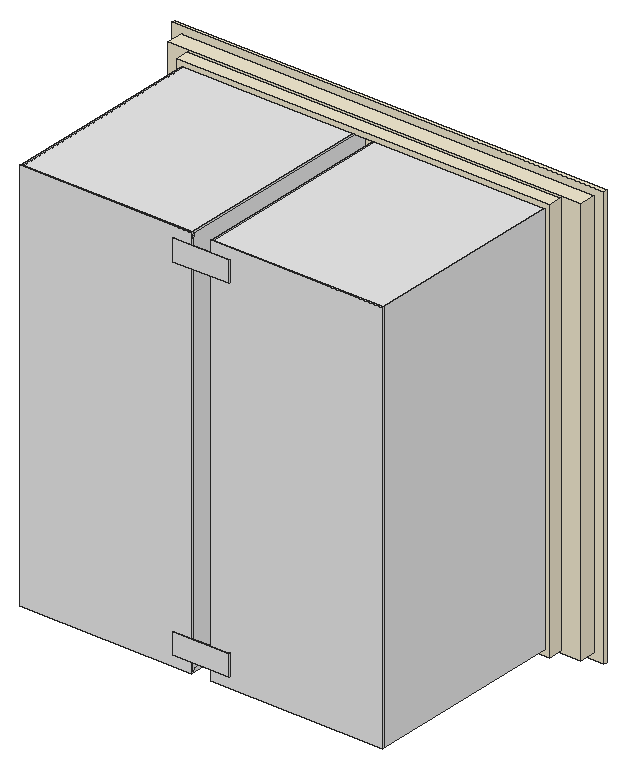
Revit family "Mailboxes_4C-Salsbury_Industries-Front_Load-8_Door_High_Units", category Specialty Equipment, host Wall, Revit 2016
Family settings
  Host = Wall
  Part Type = Normal
  Round Connector Dimension = Use Diameter
  OmniClass Number = 23.40.90.14.11
  OmniClass Title = Mail Boxes
  Always vertical = Yes
  Cut with Voids When Loaded = No
  Shared = No
  Room Calculation Point = No
Parameters (values of type "3708D-14 FL")
  Width = 31.09766"
  URL = "www.mailboxes.com"
  OmniClass 23 Title = "Mail Boxes"
  OmniClass 23 Number = "23.40.90.14.11"
  Visible Door Number [instance] = yes
  Vertical Center Divider = yes
  Version = "3.0 (06/30/17)"
  Type Comments = "4C Standard Horizontal Mailbox - Front Loading"
  Top Back Plate = yes
  Right Inside Wall = yes
  Model = "3708D-14 FL"
  MasterFormat Title = "Postal Specialties"
  MasterFormat Number = "10 55 00"
  Manufacturer = "Salsbury Industries"
  Lock Material = Stainless Steel - Salsbury Finish -  Polished
  Left Inside Wall = yes
  Keynote = ""
  Height = 30.500"
  Front Panel Material [instance] = Paint - Salsbury Finish - Sandstone
  Door Slot R8 Number [instance] = "14"
  Door Slot R8 = 3700 Series 4C Door Configurations : MB1 Door w/ Divider
  Door Slot R7 Number [instance] = "13"
  Door Slot R7 = 3700 Series 4C Door Configurations : MB1 Door w/ Divider
  Door Slot R6 Number [instance] = "12"
  Door Slot R6 = 3700 Series 4C Door Configurations : MB1 Door w/ Divider
  Door Slot R5 Number [instance] = "0"
  Door Slot R5 = 3700 Series 4C OM2 Configuration : OM2-FL
  Door Slot R4 Number [instance] = "0"
  Door Slot R4 = 3700 Series 4C Door Configurations : Empty
  Door Slot R3 Number [instance] = "11"
  Door Slot R3 = 3700 Series 4C Door Configurations : MB1 Door w/ Divider
  Door Slot R2 Number [instance] = "10"
  Door Slot R2 = 3700 Series 4C Door Configurations : MB1 Door w/ Divider
  Door Slot R1 Number [instance] = "9"
  Door Slot R1 = 3700 Series 4C Door Configurations : MB1 Door
  Door Slot L8 Number [instance] = "8"
  Door Slot L8 = 3700 Series 4C Door Configurations : MB1 Door w/ Divider
  Door Slot L7 Number [instance] = "7"
  Door Slot L7 = 3700 Series 4C Door Configurations : MB1 Door w/ Divider
  Door Slot L6 Number [instance] = "6"
  Door Slot L6 = 3700 Series 4C Door Configurations : MB1 Door w/ Divider
  Door Slot L5 Number [instance] = "5"
  Door Slot L5 = 3700 Series 4C Door Configurations : MB1 Door w/ Divider
  Door Slot L4 Number [instance] = "4"
  Door Slot L4 = 3700 Series 4C Door Configurations : MB1 Door w/ Divider
  Door Slot L3 Number [instance] = "3"
  Door Slot L3 = 3700 Series 4C Door Configurations : MB1 Door w/ Divider
  Door Slot L2 Number [instance] = "2"
  Door Slot L2 = 3700 Series 4C Door Configurations : MB1 Door w/ Divider
  Door Slot L1 Number [instance] = "1"
  Door Slot L1 = 3700 Series 4C Door Configurations : MB1 Door
  Description = "8 Door High Unit:  14 MB1, OM2"
  Depth = 17.025"
  Center Extrusion Offset [instance] = 0.000"
  Bottom Back Plate = yes
  Back Enclosure Material = Aluminum - Salsbury Finish - Anodized
  Assembly Description = "Mailboxes"
  Assembly Code = "C1030910"
  Above Finished Floor (AFF-Bottom of Unit) [instance] = 26.683"
  Above Finished Floor (AFF-Bottom Shelf) [instance] = 28.000"
Reference planes (in)
  plane 1 "Wall Centerline": y = 0
  plane 2 "Center (Left/Right)": x = 0
  plane 3 "Front": y = 3
  plane 4 "15" AFF": z = 28
  plane 5 "28" AFF": z = 28
  plane 6 "36" AFF": z = 36
  plane 7 "48" AFF": z = 48
  plane 8 "Bottom of Unit": z = 26.683
  plane 9 "Top of Unit": z = 57.183
  plane 10 "Left Side of Unit": x = 15.54883
  plane 11 "Right Side of Unit": x = -15.54883
  plane 12 "28" AFF_Bottom of Unit": z = 26.683
  plane 13 "Top Horiz Trim Align": z = 56.35225
  plane 14 "Bottom Horiz Trim Align": z = 27.515
  plane 15 "Left Trim Align": x = 14.716
  plane 16 "Right Trim Align": x = -14.716
  plane 17 "Left Door Align": x = 14.06641
  plane 18 "Right Door Align": x = -14.06641
  plane 19 "Top Horiz Door Align": z = 55.76125
  plane 20 "Bottom Horiz Door Align": z = 28
  plane 21 "Front Face of Unit": y = 3.265
  plane 22 "Top Housing Align": z = 56.679
  plane 23 "Top Collar Align": z = 56.531
  plane 24 "Top Box Align": z = 56.176
  plane 25 "Vertical Housing Align": y = 1.795
  plane 26 "Vertical Collar Align": y = 0.795
  plane 27 "Back of Unit": y = -13.76
  plane 28 "Bottom Housing Align": z = 27.187
  plane 29 "Bottom Collar Align": z = 27.335
  plane 30 "Bottom Box Align": z = 27.75
  plane 31 "Door Alignment": y = 2.66809
  plane 32 "Right Housing Align": x = -14.84183
  plane 33 "Right Collar Align": x = -13.40883
  plane 34 "Right Box Side Align": x = -13.08083
  plane 35 "Left Housing Align": x = 14.84183
  plane 36 "Left Collar Align": x = 13.40883
  plane 37 "Left Side Box Align": x = 13.08083
  plane 38 "Top Back Plate Align": z = 55.397
  plane 39 "Bottom Back Plate Align": z = 28.499
  plane 40 "Back": y = -3
  plane 41 "RO Left Side": x = 15.17383
  plane 42 "RO Right Side": x = -15.17383
  plane 43 "RO Bottom": z = 27.058
  plane 44 "RO Top": z = 56.808
  plane 45 "Horiz Centerline": z = 42.04237
  plane 46: z = 27.885
  plane 47: x = 12.99983
  plane 48: x = 12.92758
  plane 49 "Center Extrusion": x = 0
  plane 50 "Center Extrusion Offset": x = 0
  plane 51 "Row 8 Top Align": z = 31.5
  plane 52 "Row 7 Top Align": z = 35
  plane 53 "Row 6 Top Align": z = 38.5
  plane 54 "Row 5 Top Align": z = 42
  plane 55 "Row 4 Top Align": z = 45.5
  plane 56 "Row 3 Top Align": z = 49
  plane 57 "Row 2 Top Align": z = 52.5
  plane 58 "Row 16 Top Align-Private": z = 31.5
  plane 59 "Row 15 Top Align-Private": z = 35
  plane 60 "Row 14 Top Align-Private": z = 38.5
  plane 61 "Row 13 Top Align-Private": z = 42
  plane 62 "Row 12 Top Align-Private": z = 45.5
  plane 63 "Row 11 Top Align-Private": z = 49
  plane 64 "Row 10 Top Align-Private": z = 52.25
  plane 65 "Row 9 Top Align-Private": z = 55.75
  plane 66 "Row 8 Top Align-Private": z = 59.25
  plane 67 "Top of Face Gap": z = 61.25
  plane 68 "Top Latch Align": z = 47.876
  plane 69 "Bottom Latch Align": z = 36.05
  plane 70 "Right Latch Align": x = -0.69183
  plane 71 "Left Latch Align": x = 0.69098
  plane 72 "Latch Alignment Edge": x = -15.54883
  plane 73: x = -12.92783
  plane 74: x = -12.99983
  plane 75: y = -13.84203
  plane 76: x = -2
  plane 77: x = -0.7705
  plane 78: x = 0.7705
  plane 79: x = 2
  plane 80: y = -13.67797
  plane 81: x = -0.69098
  plane 82: x = 0.69183
  plane 83: z = 53.897
  plane 84: z = 29.999
  plane 85: z = 55.81729
  plane 86: z = 28.41625
  plane 87: z = 27.446
  plane 88: z = 28.055
Forms (in)
  Extrusion 1, void
    sketch origin (0, 3, 0) x (1, 0, 0) y (0, 0, 1)
      loop
        line (15.17383, 56.808) -> (-15.17383, 56.808) -> (-15.17383, 27.058) -> (15.17383, 27.058) -> (15.17383, 56.808)
    from 0 to 15.27914
  Extrusion 2, solid, material "Paint - Salsbury Finish - Sandstone" <- "Front Panel Material"
    sketch origin (0, 3, 0) x (1, 0, 0) y (0, 0, 1)
      loop
        line (15.54883, 57.183) -> (-15.54883, 57.183) -> (-15.54883, 26.683) -> (15.54883, 26.683) -> (15.54883, 57.183)
    from -0.265 to 0
  Extrusion 3, void
    sketch origin (0, 3.265, 0.00774) x (0, 0, -1) y (-1, 0, 0)
      loop
        line (-56.34451, -14.716) -> (-27.50726, -14.716) -> (-27.50726, 14.716) -> (-56.34451, 14.716) -> (-56.34451, -14.716)
    from -0.265 to 0
  Extrusion 4, solid, material "Paint - Salsbury Finish - Sandstone" <- "Front Panel Material"
    sketch origin (14.98214, 3.265, -1.67978) x (0, 0, -1) y (-1, 0, 0)
      loop
        line (-58.03203, 29.69814) -> (-58.03203, 29.04855) -> (-29.19478, 29.04855) -> (-29.19478, 29.69814) -> (-58.03203, 29.69814)
    from 0 to -0.265
  Extrusion 5, solid, material "Paint - Salsbury Finish - Sandstone" <- "Front Panel Material"
    sketch origin (0, 3.265, 0) x (0, 0, -1) y (-1, 0, 0)
      loop
        line (-27.515, -14.06641) -> (-27.515, 14.06641) -> (-28, 14.06641) -> (-28, -14.06641) -> (-27.515, -14.06641)
    from -0.265 to 0
  Extrusion 6, solid, material "Paint - Salsbury Finish - Sandstone" <- "Front Panel Material"
    sketch origin (0, 3, 84.08475) x (1, 0, 0) y (0, 0, 1)
      loop
        line (-14.84183, -56.89775) -> (14.84183, -56.89775) -> (14.84183, -27.40575) -> (-14.84183, -27.40575) -> (-14.84183, -56.89775)
    from 0 to 1.205
  Extrusion 7, solid, material "Paint - Salsbury Finish - Sandstone" <- "Front Panel Material"
    sketch origin (0, 1.795, 0) x (0, 0, 1) y (-1, 0, 0)
      loop
        line (27.335, 13.40883) -> (27.335, -13.40883) -> (56.531, -13.40883) -> (56.531, 13.40883) -> (27.335, 13.40883)
    from 0 to 1
  Extrusion 8, void
    sketch origin (0, 1.795, 0) x (0, 0, 1) y (-1, 0, 0)
      loop
        line (56.176, 13.08083) -> (27.75, 13.08083) -> (27.75, -13.08083) -> (56.176, -13.08083) -> (56.176, 13.08083)
    from 0 to 1
  Extrusion 9, solid, material "Paint - Salsbury Finish - Sandstone" <- "Front Panel Material"
    sketch origin (0, 3.265, 0) x (0, 0, -1) y (-1, 0, 0)
      loop
        line (-56.35225, -14.716) -> (-27.515, -14.716) -> (-27.515, -14.06641) -> (-56.35225, -14.06641) -> (-56.35225, -14.716)
    from 0 to -0.265
  Extrusion 10, solid, material "Paint - Salsbury Finish - Sandstone" <- "Front Panel Material"
    sketch origin (0, 3.265, 0) x (0, 0, -1) y (-1, 0, 0)
      loop
        line (-56.35225, -14.06641) -> (-55.76125, -14.06641) -> (-55.76125, 14.06641) -> (-56.35225, 14.06641) -> (-56.35225, -14.06641)
    from -0.265 to 0
  Extrusion 11, void
    sketch origin (0, 1.795, 0) x (0, 0, 1) y (-1, 0, 0)
      loop
        line (56.531, -13.40883) -> (56.531, 13.40883) -> (27.335, 13.40883) -> (27.335, -13.40883) -> (56.531, -13.40883)
    from -1.124 to 0
  Extrusion 12, void
    sketch origin (0, 3, 0) x (1, 0, 0) y (0, 0, 1)
      loop
        line (14.06641, 56.531) -> (-14.06641, 56.531) -> (-14.06641, 27.335) -> (14.06641, 27.335) -> (14.06641, 56.531)
    from 0 to 0.33191
  Extrusion 13, solid, material "Aluminum - Salsbury Finish - Anodized" <- "Back Enclosure Material"
    sketch origin (-0.58189, 1.795, 0) x (0, 0, 1) y (-1, 0, 0)
      loop
        line (56.176, 12.49894) -> (27.75, 12.49894) -> (27.75, 12.41794) -> (56.176, 12.41794) -> (56.176, 12.49894)
    from 0 to 15.47297
  Extrusion 14, solid, material "Aluminum - Salsbury Finish - Anodized" <- "Back Enclosure Material", visible <- "Right Inside Wall"
    sketch origin (11.7675, 1.795, 0) x (0, 0, 1) y (-1, 0, 0)
      loop
        line (56.176, 12.538) -> (27.75, 12.538) -> (27.75, 12.45933) -> (56.176, 12.45933) -> (56.176, 12.538)
    from 0 to 15.47297
  Extrusion 15, solid, material "Aluminum - Salsbury Finish - Anodized" <- "Back Enclosure Material"
    sketch origin (0.54283, 1.795, 0) x (0, 0, 1) y (-1, 0, 0)
      loop
        line (56.176, -12.538) -> (56.176, -12.457) -> (27.75, -12.457) -> (27.75, -12.538) -> (56.176, -12.538)
    from 0 to 15.47297
  Extrusion 16, solid, material "Aluminum - Salsbury Finish - Anodized" <- "Back Enclosure Material", visible <- "Left Inside Wall"
    sketch origin (-11.7675, 1.795, 0) x (0, 0, 1) y (-1, 0, 0)
      loop
        line (56.176, -12.538) -> (56.176, -12.45849) -> (27.75, -12.45849) -> (27.75, -12.538) -> (56.176, -12.538)
    from 0 to 15.47297
  Extrusion 17, solid, material "Aluminum - Salsbury Finish - Anodized" <- "Back Enclosure Material"
    sketch origin (0, -13.76, 0) x (0, 0, 1) y (-1, 0, 0)
      loop
        line (56.176, 13.08083) -> (27.75, 13.08083) -> (27.75, -13.08083) -> (56.176, -13.08083) -> (56.176, 13.08083)
    from -0.08203 to 0
  Extrusion 18, solid, material "Aluminum - Salsbury Finish - Anodized" <- "Back Enclosure Material"
    sketch origin (-0.15625, 0, 56.176) x (0, 1, 0) y (-1, 0, 0)
      loop
        line (1.795, 12.84358) -> (-13.67797, 12.84358) -> (-13.67797, -13.15608) -> (1.795, -13.15608) -> (1.795, 12.84358)
    from -0.35871 to 0
  Extrusion 19, void
    sketch origin (0, 0, 56.176) x (0, 1, 0) y (-1, 0, 0)
      loop
        line (1.7325, 12.93342) -> (-13.61547, 12.93342) -> (-13.61547, -12.92758) -> (1.7325, -12.92758) -> (1.7325, 12.93342)
    from -0.0723 to -0.6459
  Extrusion 20, solid, material "Aluminum - Salsbury Finish - Anodized" <- "Back Enclosure Material"
    sketch origin (0, 0, 15.41625) x (1, 0, 0) y (0, 1, 0)
      loop
        line (-12.99983, 1.795) -> (-12.99983, -13.67797) -> (12.99983, -13.67797) -> (12.99983, 1.795) -> (-12.99983, 1.795)
    from 12.46875 to 13
  Extrusion 21, void
    sketch origin (0, 0, 26.66625) x (1, 0, 0) y (0, 1, 0)
      loop
        line (-12.93342, 1.7325) -> (-12.93342, -13.61547) -> (12.92758, -13.61547) -> (12.92758, 1.7325) -> (-12.93342, 1.7325)
    from 1.38875 to 0.77975
  Extrusion 22, solid, material "Aluminum - Salsbury Finish - Anodized" <- "Back Enclosure Material", visible <- "Top Back Plate", detail levels medium+fine
    sketch origin (0, -13.76, 0) x (0, 0, 1) y (-1, 0, 0)
      loop
        line (55.397, 2) -> (53.897, 2) -> (53.897, -2) -> (55.397, -2) -> (55.397, 2)
    from 0 to 0.08203
  Extrusion 23, solid, material "Aluminum - Salsbury Finish - Anodized" <- "Back Enclosure Material", visible <- "Bottom Back Plate", detail levels medium+fine
    sketch origin (0, -13.76, 84.11475) x (0, 0, -1) y (1, 0, 0)
      loop
        line (55.61575, -2) -> (55.61575, 2) -> (54.11575, 2) -> (54.11575, -2) -> (55.61575, -2)
    from 0 to 0.08203
  Extrusion 24, void
    sketch origin (0, 0, 0) x (0, 0, -1) y (0, 1, 0)
      loop
        line (-56.176, 1.795) -> (-56.176, -13.76) -> (-27.75, -13.76) -> (-27.75, 1.795) -> (-27.515, 1.795) -> (-27.515, 3.265) -> (-56.35225, 3.265) -> (-56.35225, 1.795) -> (-56.176, 1.795)
    from -0.69098 to 0.69183
  Extrusion 25, solid, material "Paint - Salsbury Finish - Sandstone" <- "Front Panel Material", visible <- "Vertical Center Divider"
    sketch origin (-0.77934, 3.265, 0) x (0, 0, -1) y (-1, 0, 0)
      loop
        line (-56.35225, -1.47033) -> (-27.515, -1.47033) -> (-27.515, -0.08752) -> (-56.35225, -0.08752) -> (-56.35225, -1.47033)
    from 0 to -1.47
Cuts and joins
  Extrusion 3, Extrusion 11, Extrusion 24 cuts Extrusion 2
  Extrusion 8, Extrusion 11, Extrusion 12, Extrusion 24 cuts Extrusion 5
  Extrusion 8, Extrusion 12, Extrusion 19, Extrusion 24 cuts Extrusion 7
  Extrusion 11, Extrusion 12, Extrusion 24 cuts Extrusion 10
  Extrusion 11, Extrusion 12 cuts Extrusion 6
  Extrusion 12 cuts Extrusion 4
  Extrusion 12 cuts Extrusion 9
  Extrusion 19, Extrusion 21, Extrusion 24 cuts Extrusion 18
  Extrusion 21, Extrusion 24 cuts Extrusion 20
  Extrusion 24 cuts Extrusion 17
  Extrusion 24 cuts Extrusion 22
  Extrusion 24 cuts Extrusion 23
Lines and regions (in)
  model lines
    curve 1: line (15.54883, 3.265, 57.183) -> (14.716, 3.265, 56.35225)
    curve 2: line (-15.54883, 3.265, 57.183) -> (-14.716, 3.265, 56.35225)
    curve 3: line (-15.54883, 3.265, 26.683) -> (-14.716, 3.265, 27.515)
    curve 4: line (15.54883, 3.265, 26.683) -> (14.716, 3.265, 27.515)
  reference lines
    curve 5: line (-14.06641, 2.66809, 26.683) -> (-14.06641, 2.66809, 57.183)
    curve 6: line (14.06641, 2.66809, 26.683) -> (14.06641, 2.66809, 57.183)
  symbolic lines
    curve 7: line (-13.08083, -13.76, 28) -> (13.08083, -13.76, 28)
    curve 8: line (-13.08083, 0.795, 28) -> (-13.08083, -13.76, 28)
    curve 9: line (13.40883, 0.795, 28) -> (-13.40883, 0.795, 28)
    curve 10: line (13.08083, -13.76, 28) -> (13.08083, 0.795, 28)
    curve 11: line (13.40883, 0.795, 28) -> (13.40883, 1.795, 28)
    curve 12: line (-13.40883, 0.795, 28) -> (-13.40883, 1.795, 28)
    curve 13: line (-14.84183, 3, 28) -> (-14.84183, 1.795, 28)
    curve 14: line (-14.84183, 1.795, 28) -> (14.84183, 1.795, 28)
    curve 15: line (14.84183, 1.795, 28) -> (14.84183, 3, 28)
    curve 16: line (-15.54883, 3.265, 28) -> (15.54883, 3.265, 28)
    curve 17: line (-15.54883, 3, 28) -> (-15.54883, 3.265, 28)
    curve 18: line (15.54883, 3, 28) -> (-15.54883, 3, 28)
    curve 19: line (15.54883, 3.265, 28) -> (15.54883, 3, 28)
    curve 20: line (-14.06641, 3.265, 28) -> (-14.06641, 4.43, 28)
    curve 21: line (-14.06641, 4.43, 28) -> (-0.69183, 4.43, 28)
    curve 22: line (-0.69183, 4.43, 28) -> (-0.69183, 3.265, 28)
Text (in)
  text "Placement Side" at (0, 40.15149, 123.01588), in view "Right"
  text "Placement Side" at (-58.6842, 42.74981, 0), in view "Ref. Level"
  text "Placement Side" at (0, 47.49176, 140.59947), in view "Left"
Dimensions and locks (in)
  locked: plane 3 "Front" to host wall
  "Above Finished Floor (AFF-Bottom Shelf)": level to plane 4 "15" AFF"
  locked: level to plane 5 "28" AFF" at 28
  locked: level to plane 6 "36" AFF" at 36
  locked: level to plane 7 "48" AFF" at 48
  equal spacing: plane 11 "Right Side of Unit", plane 2 "Center (Left/Right)", plane 10 "Left Side of Unit"
  plane 8 "Bottom of Unit" to plane 4 "15" AFF" = 1.317"
  "Width": plane 11 "Right Side of Unit" to plane 10 "Left Side of Unit"
  "Height": plane 8 "Bottom of Unit" to plane 9 "Top of Unit"
  plane 12 "28" AFF_Bottom of Unit" to plane 5 "28" AFF" = 1.317"
  locked: plane 15 "Left Trim Align" to plane 10 "Left Side of Unit" at 0.83283
  locked: plane 16 "Right Trim Align" to plane 11 "Right Side of Unit" at 0.83283
  locked: plane 13 "Top Horiz Trim Align" to plane 9 "Top of Unit" at 0.83075
  locked: plane 8 "Bottom of Unit" to plane 14 "Bottom Horiz Trim Align" at 0.832
  plane 17 "Left Door Align" to plane 15 "Left Trim Align" = 0.64959"
  plane 18 "Right Door Align" to plane 16 "Right Trim Align" = 0.64959"
  locked: plane 19 "Top Horiz Door Align" to plane 13 "Top Horiz Trim Align" at 0.591
  locked: plane 14 "Bottom Horiz Trim Align" to plane 20 "Bottom Horiz Door Align" at 0.485
  plane 20 "Bottom Horiz Door Align" to level = 28.000"
  plane 5 "28" AFF" to level = 28.000"
  plane 6 "36" AFF" to level = 36.000"
  plane 7 "48" AFF" to level = 48.000"
  plane 9 "Top of Unit" to plane 8 "Bottom of Unit" = 30.500"
  plane 21 "Front Face of Unit" to host wall = 0.265"
  locked: host wall to plane 25 "Vertical Housing Align" at 1.205
  locked: plane 25 "Vertical Housing Align" to plane 26 "Vertical Collar Align" at 1
  plane 25 "Vertical Housing Align" to plane 27 "Back of Unit" = 15.555"
  "Depth": plane 21 "Front Face of Unit" to plane 27 "Back of Unit"
  locked: plane 9 "Top of Unit" to plane 22 "Top Housing Align" at 0.504
  locked: plane 22 "Top Housing Align" to plane 23 "Top Collar Align" at 0.148
  locked: plane 23 "Top Collar Align" to plane 24 "Top Box Align" at 0.355
  locked: plane 28 "Bottom Housing Align" to plane 8 "Bottom of Unit" at 0.504
  locked: plane 29 "Bottom Collar Align" to plane 28 "Bottom Housing Align" at 0.148
  locked: plane 30 "Bottom Box Align" to plane 29 "Bottom Collar Align" at 0.415
  plane 24 "Top Box Align" to plane 30 "Bottom Box Align" = 28.426"  (x2)
  locked: plane 21 "Front Face of Unit" to plane 31 "Door Alignment" at 0.59691
  plane 11 "Right Side of Unit" to plane 32 "Right Housing Align" to plane 33 "Right Collar Align" to plane 34 "Right Box Side Align" = 0.707" locked, 1.433" locked, 0.328" locked
  plane 37 "Left Side Box Align" to plane 36 "Left Collar Align" to plane 35 "Left Housing Align" to plane 10 "Left Side of Unit" = 0.328" locked, 1.433" locked, 0.707" locked
  plane 11 "Right Side of Unit" to plane 32 "Right Housing Align" to plane 33 "Right Collar Align" to plane 34 "Right Box Side Align" = 0.707", 1.433", 0.328"
  plane 37 "Left Side Box Align" to plane 36 "Left Collar Align" to plane 35 "Left Housing Align" to plane 10 "Left Side of Unit" = 0.328", 1.433", 0.707"
  plane 9 "Top of Unit" to plane 24 "Top Box Align" = 1.007"
  plane 30 "Bottom Box Align" to plane 8 "Bottom of Unit" = 1.067"
  locked: plane 24 "Top Box Align" to plane 38 "Top Back Plate Align" at 0.779
  locked: plane 39 "Bottom Back Plate Align" to plane 30 "Bottom Box Align" at 0.749
  locked: plane 41 "RO Left Side" to plane 10 "Left Side of Unit" at 0.375
  locked: plane 42 "RO Right Side" to plane 11 "Right Side of Unit" at 0.375
  locked: plane 8 "Bottom of Unit" to plane 43 "RO Bottom" at 0.375
  locked: plane 44 "RO Top" to plane 9 "Top of Unit" at 0.375
  Extrusion 13 to Extrusion 13 = 0.081"
  plane 46 to plane 30 "Bottom Box Align" = 0.135"
  Extrusion 15 to Extrusion 15 = 0.081"
  plane 47 to plane 37 "Left Side Box Align" = 0.081"
  plane 48 to plane 47 = 0.07225"
  plane 18 "Right Door Align" to plane 17 "Left Door Align" = 28.13281"
  "Center Extrusion Offset": plane 49 "Center Extrusion" to plane 50 "Center Extrusion Offset"
  plane 20 "Bottom Horiz Door Align" to plane 51 "Row 8 Top Align" to plane 52 "Row 7 Top Align" to plane 53 "Row 6 Top Align" to plane 54 "Row 5 Top Align" to plane 55 "Row 4 Top Align" to plane 56 "Row 3 Top Align" to plane 57 "Row 2 Top Align" = 3.500", 3.500" locked, 3.500" locked, 3.500" locked, 3.500" locked, 3.500" locked, 3.500" locked
  plane 4 "15" AFF" to plane 58 "Row 16 Top Align-Private" = 3.500"
  plane 58 "Row 16 Top Align-Private" to plane 59 "Row 15 Top Align-Private" to plane 60 "Row 14 Top Align-Private" to plane 61 "Row 13 Top Align-Private" to plane 62 "Row 12 Top Align-Private" to plane 63 "Row 11 Top Align-Private" to plane 64 "Row 10 Top Align-Private" to plane 65 "Row 9 Top Align-Private" to plane 66 "Row 8 Top Align-Private" = 3.500" locked, 3.500" locked, 3.500" locked, 3.500" locked, 3.500" locked, 3.250" locked, 3.500" locked, 3.500" locked
  locked: plane 66 "Row 8 Top Align-Private" to plane 67 "Top of Face Gap" at 2
  "Above Finished Floor (AFF-Bottom of Unit)": level to plane 8 "Bottom of Unit"
  locked: plane 70 "Right Latch Align" to plane 71 "Left Latch Align" at 1.38281
  plane 24 "Top Box Align" to plane 68 "Top Latch Align" = 8.300"
  plane 69 "Bottom Latch Align" to plane 30 "Bottom Box Align" = 8.300"
  plane 72 "Latch Alignment Edge" to plane 70 "Right Latch Align" = 14.857"
  curve 15 to curve 19 = 0.707"
  plane 34 "Right Box Side Align" to plane 74 to plane 73 = 0.081", 0.072"
  plane 75 to plane 27 "Back of Unit" = 0.08203"
  plane 27 "Back of Unit" to plane 80 = 0.08203"
  cut or joined group of Extrusion 6, Extrusion 11, Extrusion 12 to Extrusion 25 = 29.16525"
  plane 76 to plane 77 to plane 70 "Right Latch Align" to plane 50 "Center Extrusion Offset" = 1.2295", 0.07867", 0.69183"
  plane 50 "Center Extrusion Offset" to plane 71 "Left Latch Align" to plane 78 to plane 79 = 0.69098", 0.07952", 1.2295"
  plane 81 to plane 49 "Center Extrusion" to plane 82 = 0.69098" locked, 0.69183" locked
  plane 11 "Right Side of Unit" to Extrusion 2 = 31.09766"
  plane 10 "Left Side of Unit" to Extrusion 6 = 30.39066"
  plane 38 "Top Back Plate Align" to plane 83 = 1.500"
  plane 84 to plane 39 "Bottom Back Plate Align" = 1.500"
  plane 4 "15" AFF" to Extrusion 13 = 28.176"
  plane 4 "15" AFF" to Extrusion 14 = 28.176"
  Extrusion 14 to Extrusion 16 = 28.426"
  Extrusion 16 to Extrusion 15 = 28.426"
  locked: plane 85 to plane 24 "Top Box Align" at 0.35871
  plane 14 "Bottom Horiz Trim Align" to plane 86 = 0.90125"
  plane 87 to plane 30 "Bottom Box Align" to plane 88 = 0.304" locked, 0.305" locked
  aligned and locked: plane 8 "Bottom of Unit" to Extrusion 2 sketch curve
  aligned and locked: plane 10 "Left Side of Unit" to Extrusion 2 sketch curve
  aligned and locked: Extrusion 2 sketch curve to plane 11 "Right Side of Unit"
  aligned and locked: Extrusion 2 sketch curve to plane 9 "Top of Unit"
  aligned and locked: plane 21 "Front Face of Unit" to Extrusion 2
  aligned and locked: Extrusion 4 to plane 16 "Right Trim Align"
  aligned and locked: plane 18 "Right Door Align" to Extrusion 4
  aligned and locked: plane 13 "Top Horiz Trim Align" to Extrusion 4
  aligned and locked: Extrusion 5 to plane 14 "Bottom Horiz Trim Align"
  aligned and locked: Extrusion 5 to plane 17 "Left Door Align"
  aligned and locked: plane 20 "Bottom Horiz Door Align" to Extrusion 5
  aligned and locked: Extrusion 5 to plane 18 "Right Door Align"
  aligned and locked: plane 34 "Right Box Side Align" to Extrusion 17 sketch curve
  aligned and locked: Extrusion 17 sketch curve to plane 24 "Top Box Align"
  aligned and locked: Extrusion 17 sketch curve to plane 37 "Left Side Box Align"
  aligned and locked: plane 30 "Bottom Box Align" to Extrusion 17 sketch curve
  aligned and locked: plane 25 "Vertical Housing Align" to Extrusion 18 sketch curve
  aligned and locked: Extrusion 18 sketch curve to plane 47
  aligned and locked: plane 48 to Extrusion 19
  aligned and locked: plane 47 to cut or joined group of Extrusion 18, Extrusion 19, Extrusion 21, Extrusion 24
  aligned and locked: plane 25 "Vertical Housing Align" to Extrusion 20 sketch curve
  aligned and locked: Extrusion 20 sketch curve to plane 47
  aligned and locked: plane 48 to cut or joined group of Extrusion 20, Extrusion 21, Extrusion 24
  aligned and locked: plane 17 "Left Door Align" to cut or joined group of Extrusion 9, Extrusion 12
  aligned and locked: plane 25 "Vertical Housing Align" to Extrusion 25
  aligned and locked: plane 21 "Front Face of Unit" to Extrusion 25
  aligned and locked: nested 1 to plane 57 "Row 2 Top Align"
  aligned and locked: nested 2 to plane 56 "Row 3 Top Align"
  aligned and locked: nested 9 to plane 17 "Left Door Align"
  aligned and locked: nested 9 to plane 57 "Row 2 Top Align"
  aligned and locked: plane 31 "Door Alignment" to nested 9  (x2)
  aligned and locked: nested 10 to plane 17 "Left Door Align"
  aligned and locked: nested 10 to plane 56 "Row 3 Top Align"
  aligned and locked: plane 31 "Door Alignment" to nested 10  (x2)
  aligned and locked: nested 15 to plane 17 "Left Door Align"
  aligned and locked: nested 15 to plane 51 "Row 8 Top Align"
  aligned and locked: plane 31 "Door Alignment" to nested 15
  aligned and locked: nested 8 to curve 5
  aligned and locked: nested 7 to curve 5
  aligned and locked: nested 6 to curve 5
  aligned and locked: nested 5 to curve 5
  aligned and locked: nested 3 to curve 5
  aligned and locked: nested 16 to curve 6
  aligned and locked: nested 15 to curve 6
  aligned and locked: nested 14 to curve 6
  aligned and locked: nested 13 to curve 6
  aligned and locked: nested 12 to curve 6
  aligned and locked: nested 11 to curve 6
  aligned and locked: nested 10 to curve 6
  aligned and locked: nested 9 to curve 6
  aligned and locked: plane 31 "Door Alignment" to nested 6
  aligned and locked: plane 31 "Door Alignment" to nested 16
  aligned and locked: plane 31 "Door Alignment" to nested 8
  aligned and locked: plane 31 "Door Alignment" to nested 14
  aligned and locked: plane 31 "Door Alignment" to nested 5
  aligned and locked: plane 31 "Door Alignment" to nested 3
  aligned and locked: plane 31 "Door Alignment" to nested 11
  aligned and locked: plane 31 "Door Alignment" to nested 13
  aligned and locked: plane 31 "Door Alignment" to nested 2
  aligned and locked: plane 31 "Door Alignment" to nested 4
  aligned and locked: nested 1 to curve 5
  aligned and locked: nested 2 to curve 5
  aligned and locked: nested 4 to curve 5
  aligned and locked: plane 31 "Door Alignment" to nested 1
  aligned and locked: plane 31 "Door Alignment" to nested 7
  aligned and locked: plane 11 "Right Side of Unit" to plane 72 "Latch Alignment Edge"
  aligned and locked: plane 37 "Left Side Box Align" to curve 10
  aligned and locked: plane 27 "Back of Unit" to curve 7
  aligned and locked: curve 8 to plane 34 "Right Box Side Align"
  aligned and locked: curve 9 to plane 26 "Vertical Collar Align"
  aligned and locked: curve 13 to cut or joined group of Extrusion 6, Extrusion 11, Extrusion 12
  aligned and locked: curve 14 to cut or joined group of Extrusion 6, Extrusion 11, Extrusion 12
  aligned and locked: curve 15 to cut or joined group of Extrusion 6, Extrusion 11, Extrusion 12
  aligned and locked: nested 1 to curve 20
  aligned and locked: plane 70 "Right Latch Align" to curve 22
  aligned and locked: plane 21 "Front Face of Unit" to cut or joined group of Extrusion 2, Extrusion 3, Extrusion 11, Extrusion 24
  aligned and locked: plane 3 "Front" to cut or joined group of Extrusion 2, Extrusion 3, Extrusion 11, Extrusion 24
  aligned and locked: plane 35 "Left Housing Align" to cut or joined group of Extrusion 6, Extrusion 11, Extrusion 12  (x2)
  aligned and locked: plane 25 "Vertical Housing Align" to cut or joined group of Extrusion 6, Extrusion 11, Extrusion 12
  aligned and locked: cut or joined group of Extrusion 6, Extrusion 11, Extrusion 12 to plane 3 "Front"
  aligned and locked: cut or joined group of Extrusion 6, Extrusion 11, Extrusion 12 to plane 32 "Right Housing Align"
  aligned and locked: plane 26 "Vertical Collar Align" to cut or joined group of Extrusion 7, Extrusion 8, Extrusion 12, Extrusion 19, Extrusion 24
  aligned and locked: cut or joined group of Extrusion 7, Extrusion 8, Extrusion 12, Extrusion 19, Extrusion 24 to plane 33 "Right Collar Align"
  aligned and locked: cut or joined group of Extrusion 7, Extrusion 8, Extrusion 12, Extrusion 19, Extrusion 24 to plane 25 "Vertical Housing Align"
  aligned and locked: plane 36 "Left Collar Align" to cut or joined group of Extrusion 7, Extrusion 8, Extrusion 12, Extrusion 19, Extrusion 24
  aligned and locked: plane 37 "Left Side Box Align" to Extrusion 15
  aligned and locked: Extrusion 15 to plane 47  (x2)
  aligned and locked: plane 27 "Back of Unit" to cut or joined group of Extrusion 17, Extrusion 24
  aligned and locked: Extrusion 13 to plane 34 "Right Box Side Align"
  aligned and locked: plane 37 "Left Side Box Align" to cut or joined group of Extrusion 17, Extrusion 24
  aligned and locked: plane 74 to Extrusion 13
  aligned and locked: cut or joined group of Extrusion 18, Extrusion 19, Extrusion 21, Extrusion 24 to plane 74
  aligned and locked: plane 75 to cut or joined group of Extrusion 22, Extrusion 24
  aligned and locked: plane 75 to cut or joined group of Extrusion 23, Extrusion 24
  aligned and locked: cut or joined group of Extrusion 22, Extrusion 24 to plane 27 "Back of Unit"
  aligned and locked: cut or joined group of Extrusion 23, Extrusion 24 to plane 27 "Back of Unit"
  aligned and locked: plane 78 to Extrusion 16
  aligned and locked: Extrusion 14 to plane 77
  aligned and locked: plane 79 to cut or joined group of Extrusion 22, Extrusion 24
  aligned and locked: plane 76 to cut or joined group of Extrusion 22, Extrusion 24  (x2)
  aligned and locked: plane 76 to cut or joined group of Extrusion 23, Extrusion 24  (x2)
  aligned and locked: cut or joined group of Extrusion 23, Extrusion 24 to plane 79  (x2)
  aligned and locked: plane 80 to cut or joined group of Extrusion 17, Extrusion 24
  aligned and locked: plane 80 to cut or joined group of Extrusion 18, Extrusion 19, Extrusion 21, Extrusion 24
  aligned and locked: Extrusion 15 to plane 25 "Vertical Housing Align"
  aligned and locked: Extrusion 16 to plane 25 "Vertical Housing Align"
  aligned and locked: Extrusion 14 to plane 25 "Vertical Housing Align"
  aligned and locked: Extrusion 13 to plane 25 "Vertical Housing Align"
  aligned and locked: plane 80 to Extrusion 15
  aligned and locked: plane 80 to Extrusion 16
  aligned and locked: plane 80 to Extrusion 14
  aligned and locked: plane 80 to Extrusion 13
  aligned and locked: Extrusion 14 to plane 70 "Right Latch Align"
  aligned and locked: plane 13 "Top Horiz Trim Align" to cut or joined group of Extrusion 9, Extrusion 12
  aligned and locked: cut or joined group of Extrusion 9, Extrusion 12 to plane 15 "Left Trim Align"
  aligned and locked: cut or joined group of Extrusion 9, Extrusion 12 to plane 14 "Bottom Horiz Trim Align"
  aligned and locked: cut or joined group of Extrusion 4, Extrusion 12 to plane 14 "Bottom Horiz Trim Align"
  aligned and locked: cut or joined group of Extrusion 10, Extrusion 11, Extrusion 12, Extrusion 24 to plane 17 "Left Door Align"
  aligned and locked: cut or joined group of Extrusion 10, Extrusion 11, Extrusion 12, Extrusion 24 to plane 18 "Right Door Align"
  aligned and locked: cut or joined group of Extrusion 10, Extrusion 11, Extrusion 12, Extrusion 24 to plane 19 "Top Horiz Door Align"
  aligned and locked: plane 13 "Top Horiz Trim Align" to cut or joined group of Extrusion 10, Extrusion 11, Extrusion 12, Extrusion 24
  aligned and locked: plane 21 "Front Face of Unit" to cut or joined group of Extrusion 9, Extrusion 12
  aligned and locked: plane 3 "Front" to cut or joined group of Extrusion 9, Extrusion 12
  aligned and locked: plane 21 "Front Face of Unit" to cut or joined group of Extrusion 4, Extrusion 12
  aligned and locked: plane 3 "Front" to cut or joined group of Extrusion 4, Extrusion 12
  aligned and locked: plane 13 "Top Horiz Trim Align" to Extrusion 25
  aligned and locked: Extrusion 25 to plane 14 "Bottom Horiz Trim Align"
  aligned and locked: plane 70 "Right Latch Align" to Extrusion 25
  aligned and locked: Extrusion 25 to plane 71 "Left Latch Align"
  aligned and locked: plane 71 "Left Latch Align" to Extrusion 16
  aligned and locked: plane 81 to Extrusion 24
  aligned and locked: plane 82 to Extrusion 24
  aligned and locked: plane 27 "Back of Unit" to Extrusion 24
  aligned and locked: plane 21 "Front Face of Unit" to Extrusion 24
  aligned and locked: plane 9 "Top of Unit" to curve 5
  aligned and locked: plane 8 "Bottom of Unit" to curve 5
  aligned and locked: plane 8 "Bottom of Unit" to curve 6
  aligned and locked: curve 6 to plane 17 "Left Door Align"
  aligned and locked: plane 22 "Top Housing Align" to cut or joined group of Extrusion 6, Extrusion 11, Extrusion 12
  aligned and locked: plane 28 "Bottom Housing Align" to cut or joined group of Extrusion 6, Extrusion 11, Extrusion 12
  aligned and locked: cut or joined group of Extrusion 7, Extrusion 8, Extrusion 12, Extrusion 19, Extrusion 24 to plane 29 "Bottom Collar Align"
  aligned and locked: plane 23 "Top Collar Align" to cut or joined group of Extrusion 7, Extrusion 8, Extrusion 12, Extrusion 19, Extrusion 24
  aligned and locked: plane 10 "Left Side of Unit" to curve 1
  aligned and locked: plane 9 "Top of Unit" to curve 1
  aligned and locked: plane 15 "Left Trim Align" to curve 1
  aligned and locked: plane 13 "Top Horiz Trim Align" to curve 1
  aligned and locked: plane 11 "Right Side of Unit" to curve 2
  aligned and locked: plane 9 "Top of Unit" to curve 2
  aligned and locked: plane 16 "Right Trim Align" to curve 2
  aligned and locked: plane 13 "Top Horiz Trim Align" to curve 2
  aligned and locked: plane 10 "Left Side of Unit" to curve 4
  aligned and locked: plane 8 "Bottom of Unit" to curve 4
  aligned and locked: plane 15 "Left Trim Align" to curve 4
  aligned and locked: plane 14 "Bottom Horiz Trim Align" to curve 4
  aligned and locked: plane 8 "Bottom of Unit" to curve 3
  aligned and locked: plane 11 "Right Side of Unit" to curve 3
  aligned and locked: plane 16 "Right Trim Align" to curve 3
  aligned and locked: plane 14 "Bottom Horiz Trim Align" to curve 3
  aligned and locked: cut or joined group of Extrusion 22, Extrusion 24 to plane 38 "Top Back Plate Align"
  aligned and locked: cut or joined group of Extrusion 22, Extrusion 24 to plane 79
  aligned and locked: plane 83 to cut or joined group of Extrusion 22, Extrusion 24
  aligned and locked: cut or joined group of Extrusion 23, Extrusion 24 to plane 39 "Bottom Back Plate Align"
  aligned and locked: plane 84 to cut or joined group of Extrusion 23, Extrusion 24
  aligned and locked: plane 24 "Top Box Align" to Extrusion 13
  aligned and locked: Extrusion 13 to plane 30 "Bottom Box Align"
  aligned and locked: plane 24 "Top Box Align" to Extrusion 14
  aligned and locked: Extrusion 14 to plane 30 "Bottom Box Align"
  aligned and locked: Extrusion 16 to plane 30 "Bottom Box Align"
  aligned and locked: plane 24 "Top Box Align" to Extrusion 16
  aligned and locked: plane 24 "Top Box Align" to Extrusion 15
  aligned and locked: Extrusion 15 to plane 30 "Bottom Box Align"
  aligned and locked: plane 24 "Top Box Align" to cut or joined group of Extrusion 18, Extrusion 19, Extrusion 21, Extrusion 24
  aligned and locked: plane 85 to cut or joined group of Extrusion 18, Extrusion 19, Extrusion 21, Extrusion 24
  aligned and locked: cut or joined group of Extrusion 20, Extrusion 21, Extrusion 24 to plane 46
  aligned and locked: plane 86 to cut or joined group of Extrusion 20, Extrusion 21, Extrusion 24
  aligned and locked: plane 80 to cut or joined group of Extrusion 20, Extrusion 21, Extrusion 24
  aligned and locked: cut or joined group of Extrusion 20, Extrusion 21, Extrusion 24 to plane 74
  aligned and locked: plane 21 "Front Face of Unit" to cut or joined group of Extrusion 5, Extrusion 8, Extrusion 11, Extrusion 12, Extrusion 24
  aligned and locked: plane 3 "Front" to cut or joined group of Extrusion 5, Extrusion 8, Extrusion 11, Extrusion 12, Extrusion 24
  aligned and locked: plane 21 "Front Face of Unit" to cut or joined group of Extrusion 10, Extrusion 11, Extrusion 12, Extrusion 24
  aligned and locked: plane 3 "Front" to cut or joined group of Extrusion 10, Extrusion 11, Extrusion 12, Extrusion 24
  aligned and locked: plane 52 "Row 7 Top Align" to nested 14
  aligned and locked: plane 52 "Row 7 Top Align" to nested 6
  aligned and locked: plane 53 "Row 6 Top Align" to nested 5
  aligned and locked: plane 55 "Row 4 Top Align" to nested 3
  aligned and locked: plane 55 "Row 4 Top Align" to nested 11
  aligned and locked: plane 51 "Row 8 Top Align" to nested 7
  aligned and locked: plane 54 "Row 5 Top Align" to nested 4
  aligned and locked: plane 53 "Row 6 Top Align" to nested 13
  aligned and locked: plane 54 "Row 5 Top Align" to nested 12
  aligned and locked: plane 31 "Door Alignment" to nested 12
  aligned and locked: plane 20 "Bottom Horiz Door Align" to nested 16
  aligned and locked: plane 20 "Bottom Horiz Door Align" to nested 8
  aligned and locked: Extrusion 21 to plane 88
  aligned and locked: plane 87 to Extrusion 21
Automatic sketch dimensions
  Extrusion 1 sketch curve to plane 42 "RO Right Side" = 0.000"
  plane 41 "RO Left Side" to Extrusion 1 sketch curve = 0.000"
  Extrusion 1 sketch curve to plane 43 "RO Bottom" = 0.000"
  Extrusion 1 sketch curve to plane 44 "RO Top" = 0.000"
  Extrusion 6 sketch curve to plane 22 "Top Housing Align" = 0.000"
  plane 32 "Right Housing Align" to Extrusion 6 sketch curve = 0.000"
  Extrusion 6 sketch curve to plane 35 "Left Housing Align" = 0.000"
  Extrusion 6 sketch curve to plane 28 "Bottom Housing Align" = 0.000"
  Extrusion 7 sketch curve to plane 29 "Bottom Collar Align" = 0.000"
  plane 23 "Top Collar Align" to Extrusion 7 sketch curve = 0.000"
  plane 36 "Left Collar Align" to Extrusion 7 sketch curve = 0.000"
  Extrusion 7 sketch curve to plane 33 "Right Collar Align" = 0.000"
  Extrusion 8 sketch curve to plane 30 "Bottom Box Align" = 0.000"
  Extrusion 8 sketch curve to plane 24 "Top Box Align" = 0.000"
  Extrusion 8 sketch curve to plane 37 "Left Side Box Align" = 0.000"
  plane 34 "Right Box Side Align" to Extrusion 8 sketch curve = 0.000"
  Extrusion 11 sketch curve to plane 29 "Bottom Collar Align" = 0.000"
  Extrusion 11 sketch curve to plane 23 "Top Collar Align" = 0.000"
  plane 36 "Left Collar Align" to Extrusion 11 sketch curve = 0.000"
  plane 33 "Right Collar Align" to Extrusion 11 sketch curve = 0.000"
  Extrusion 13 sketch curve to plane 30 "Bottom Box Align" = 0.000"
  plane 24 "Top Box Align" to Extrusion 13 sketch curve = 0.000"
  Extrusion 13 sketch curve to plane 34 "Right Box Side Align" = 0.000"
  Extrusion 13 sketch curve to Extrusion 13 sketch curve = 0.081"
  plane 30 "Bottom Box Align" to Extrusion 15 sketch curve = 0.000"
  Extrusion 15 sketch curve to plane 24 "Top Box Align" = 0.000"
  plane 37 "Left Side Box Align" to Extrusion 15 sketch curve = 0.000"
  plane 37 "Left Side Box Align" to Extrusion 15 sketch curve = 0.081"
  Extrusion 18 sketch curve to plane 27 "Back of Unit" = 0.08203"
  plane 34 "Right Box Side Align" to Extrusion 18 sketch curve = 0.081"
  plane 34 "Right Box Side Align" to Extrusion 20 sketch curve = 0.081"
  Extrusion 20 sketch curve to plane 27 "Back of Unit" = 0.08203"
  Extrusion 3 sketch curve to plane 13 "Top Horiz Trim Align" = 0.000"
  Extrusion 3 sketch curve to plane 14 "Bottom Horiz Trim Align" = 0.000"
  plane 15 "Left Trim Align" to Extrusion 3 sketch curve = 0.000"
  Extrusion 3 sketch curve to plane 16 "Right Trim Align" = 0.000"
  Extrusion 4 sketch curve to plane 13 "Top Horiz Trim Align" = 0.000"
  plane 14 "Bottom Horiz Trim Align" to Extrusion 4 sketch curve = 0.000"
  plane 16 "Right Trim Align" to Extrusion 4 sketch curve = 0.000"
  Extrusion 4 sketch curve to plane 18 "Right Door Align" = 0.000"
  plane 13 "Top Horiz Trim Align" to Extrusion 9 sketch curve = 0.000"
  Extrusion 9 sketch curve to plane 14 "Bottom Horiz Trim Align" = 0.000"
  Extrusion 9 sketch curve to plane 15 "Left Trim Align" = 0.000"
  plane 17 "Left Door Align" to Extrusion 9 sketch curve = 0.000"
  plane 13 "Top Horiz Trim Align" to Extrusion 10 sketch curve = 0.000"
  Extrusion 10 sketch curve to plane 17 "Left Door Align" = 0.000"
  Extrusion 10 sketch curve to plane 18 "Right Door Align" = 0.000"
  Extrusion 10 sketch curve to plane 19 "Top Horiz Door Align" = 0.000"
  Extrusion 12 sketch curve to plane 18 "Right Door Align" = 0.000"
  plane 17 "Left Door Align" to Extrusion 12 sketch curve = 0.000"
  Extrusion 12 sketch curve to plane 29 "Bottom Collar Align" = 0.000"
  Extrusion 12 sketch curve to plane 23 "Top Collar Align" = 0.000"
  Extrusion 14 sketch curve to plane 30 "Bottom Box Align" = 0.000"
  plane 24 "Top Box Align" to Extrusion 14 sketch curve = 0.000"
  Extrusion 14 sketch curve to plane 2 "Center (Left/Right)" = 0.69183"
  Extrusion 14 sketch curve to Extrusion 14 sketch curve = 0.07867"
  plane 30 "Bottom Box Align" to Extrusion 16 sketch curve = 0.000"
  Extrusion 16 sketch curve to plane 24 "Top Box Align" = 0.000"
  Extrusion 16 sketch curve to plane 2 "Center (Left/Right)" = 0.69098"
  Extrusion 16 sketch curve to Extrusion 16 sketch curve = 0.07952"
  Extrusion 19 sketch curve to plane 48 = 0.000"
  Extrusion 19 sketch curve to plane 27 "Back of Unit" = 0.14453"
  plane 25 "Vertical Housing Align" to Extrusion 19 sketch curve = 0.0625"
  plane 34 "Right Box Side Align" to Extrusion 19 sketch curve = 0.14741"
  Extrusion 21 sketch curve to plane 48 = 0.000"
  plane 25 "Vertical Housing Align" to Extrusion 21 sketch curve = 0.0625"
  plane 34 "Right Box Side Align" to Extrusion 21 sketch curve = 0.14741"
  Extrusion 21 sketch curve to plane 27 "Back of Unit" = 0.14453"
  Extrusion 22 sketch curve to plane 38 "Top Back Plate Align" = 0.000"
  plane 38 "Top Back Plate Align" to Extrusion 22 sketch curve = 1.500"
  plane 2 "Center (Left/Right)" to Extrusion 22 sketch curve = 2.000"
  Extrusion 22 sketch curve to plane 2 "Center (Left/Right)" = 2.000"
  Extrusion 23 sketch curve to plane 39 "Bottom Back Plate Align" = 0.000"
  Extrusion 23 sketch curve to plane 39 "Bottom Back Plate Align" = 1.500"
  Extrusion 23 sketch curve to plane 2 "Center (Left/Right)" = 2.000"
  plane 2 "Center (Left/Right)" to Extrusion 23 sketch curve = 2.000"
  plane 13 "Top Horiz Trim Align" to Extrusion 25 sketch curve = 0.000"
  Extrusion 25 sketch curve to plane 14 "Bottom Horiz Trim Align" = 0.000"
  plane 2 "Center (Left/Right)" to Extrusion 25 sketch curve = 0.69098"
  Extrusion 25 sketch curve to plane 2 "Center (Left/Right)" = 0.69183"
  plane 4 "15" AFF" to Extrusion 5 sketch curve = 0.000"
  Extrusion 5 sketch curve to plane 14 "Bottom Horiz Trim Align" = 0.000"
  Extrusion 5 sketch curve to plane 17 "Left Door Align" = 0.000"
  Extrusion 5 sketch curve to plane 18 "Right Door Align" = 0.000"
  curve 9 to plane 33 "Right Collar Align" = 0.000"
  curve 11 to plane 36 "Left Collar Align" = 0.000"
  plane 21 "Front Face of Unit" to curve 21 = 1.165"
  curve 18 to host wall = 0.000"
  curve 18 to plane 11 "Right Side of Unit" = 0.000"
  curve 16 to plane 21 "Front Face of Unit" = 0.000"
  Extrusion 24 sketch curve to plane 13 "Top Horiz Trim Align" = 0.000"
  Extrusion 24 sketch curve to plane 24 "Top Box Align" = 0.000"
  Extrusion 24 sketch curve to plane 27 "Back of Unit" = 0.000"
  Extrusion 24 sketch curve to plane 30 "Bottom Box Align" = 0.000"
  Extrusion 24 sketch curve to plane 14 "Bottom Horiz Trim Align" = 0.000"
  Extrusion 24 sketch curve to plane 25 "Vertical Housing Align" = 0.000"  (x2)
  Extrusion 24 sketch curve to plane 21 "Front Face of Unit" = 0.000"
  curve 6 to plane 9 "Top of Unit" = 0.000"
  curve 5 to plane 18 "Right Door Align" = 0.000"
Nested families (in)
  nested 1: "3700 Series 4C Door Configurations" at (-7.37891, 2.79505, 52.5) x (-1, 0, 0) z (0, 0, 1), type <- "Door Slot R1", Door Number <- "Door Slot R1 Number", type "MB1 Door"
    with Door Number "9"
  nested 2: "3700 Series 4C Door Configurations" at (-7.37891, 2.79505, 49) x (-1, 0, 0) z (0, 0, 1), type <- "Door Slot R2", Door Number <- "Door Slot R2 Number", type "MB1 Door w/ Divider"
    with Door Number "10"
  nested 3: "3700 Series 4C Door Configurations" at (-7.37891, 2.79505, 45.5) x (-1, 0, 0) z (0, 0, 1), type <- "Door Slot R3", Door Number <- "Door Slot R3 Number", type "MB1 Door w/ Divider"
    with Door Number "11"
  nested 4: "3700 Series 4C Door Configurations" at (-7.37891, 2.79505, 42) x (-1, 0, 0) z (0, 0, 1), type <- "Door Slot R4", Door Number <- "Door Slot R4 Number", type "Empty"
    with Door Number "0"
  nested 5: "3700 Series 4C OM2 Configuration" at (-7.37891, 2.79505, 38.5) x (-1, 0, 0) z (0, 0, 1), type <- "Door Slot R5", Door Number <- "Door Slot R5 Number", type "OM2-FL"
    with Door Number "0"
  nested 6: "3700 Series 4C Door Configurations" at (-7.37891, 2.79505, 35) x (-1, 0, 0) z (0, 0, 1), type <- "Door Slot R6", Door Number <- "Door Slot R6 Number", type "MB1 Door w/ Divider"
    with Door Number "12"
  nested 7: "3700 Series 4C Door Configurations" at (-7.37891, 2.79505, 31.5) x (-1, 0, 0) z (0, 0, 1), type <- "Door Slot R7", Door Number <- "Door Slot R7 Number", type "MB1 Door w/ Divider"
    with Door Number "13"
  nested 8: "3700 Series 4C Door Configurations" at (-7.37891, 2.79505, 28) x (-1, 0, 0) z (0, 0, 1), type <- "Door Slot R8", Door Number <- "Door Slot R8 Number", type "MB1 Door w/ Divider"
    with Door Number "14"
  nested 9: "3700 Series 4C Door Configurations" at (7.37891, 2.79505, 52.5) x (-1, 0, 0) z (0, 0, 1), type <- "Door Slot L1", Door Number <- "Door Slot L1 Number", type "MB1 Door"
    with Door Number "1"
  nested 10: "3700 Series 4C Door Configurations" at (7.37891, 2.79505, 49) x (-1, 0, 0) z (0, 0, 1), type <- "Door Slot L2", Door Number <- "Door Slot L2 Number", type "MB1 Door w/ Divider"
    with Door Number "2"
  nested 11: "3700 Series 4C Door Configurations" at (7.37891, 2.79505, 45.5) x (-1, 0, 0) z (0, 0, 1), type <- "Door Slot L3", Door Number <- "Door Slot L3 Number", type "MB1 Door w/ Divider"
    with Door Number "3"
  nested 12: "3700 Series 4C Door Configurations" at (7.37891, 2.79505, 42) x (-1, 0, 0) z (0, 0, 1), type <- "Door Slot L4", Door Number <- "Door Slot L4 Number", type "MB1 Door w/ Divider"
    with Door Number "4"
  nested 13: "3700 Series 4C Door Configurations" at (7.37891, 2.79505, 38.5) x (-1, 0, 0) z (0, 0, 1), type <- "Door Slot L5", Door Number <- "Door Slot L5 Number", type "MB1 Door w/ Divider"
    with Door Number "5"
  nested 14: "3700 Series 4C Door Configurations" at (7.37891, 2.79505, 35) x (-1, 0, 0) z (0, 0, 1), type <- "Door Slot L6", Door Number <- "Door Slot L6 Number", type "MB1 Door w/ Divider"
    with Door Number "6"
  nested 15: "3700 Series 4C Door Configurations" at (7.37891, 2.79505, 31.5) x (-1, 0, 0) z (0, 0, 1), type <- "Door Slot L7", Door Number <- "Door Slot L7 Number", type "MB1 Door w/ Divider"
    with Door Number "7"
  nested 16: "3700 Series 4C Door Configurations" at (7.37891, 2.79505, 28) x (-1, 0, 0) z (0, 0, 1), type <- "Door Slot L8", Door Number <- "Door Slot L8 Number", type "MB1 Door w/ Divider"
    with Door Number "8"
Definition of nested family "3700 Series 4C Door Configurations"
  Parameters (values of type "MB3 Door")
    Weight = "15 lbs."
    Visible Door Number = yes
    URL = ""
    Model = "3700MB3"
    Manufacturer = "Salsbury Industries"
    Lock Material = none
    Inset Offset = 0.000"
    Front Panel Material = none
    Door Width = 13.375"
    Door Visibility-MB1 = yes
    Door Number [instance] = "101"
    Door Lock = yes
    Door Height = 10.23047"
    Door Divider = no
    Door Depth = 0.25391"
    Description = "MB3 Door for 3700 Series 4C Mailboxes"
    Cost = 0
    Center Lock-Vertical = 0.875"
    Center Lock-Horizontal = 1.61523"
  Types (11): name | Weight | Visible Door Number | Model | Inset Offset | Door Visibility-MB1 | Door Lock | Door Height | Door Divider | Description
    MB1 Door w/ Divider | "5 lbs." | yes | "3700MB1" | 0.000" | yes | yes | 3.23047" | yes | "MB1 Door for 3700 Series 4C Mailboxes"
    MB1 Door | "5 lbs." | yes | "3700MB1" | 0.000" | yes | yes | 3.23047" | no | "MB1 Door for 3700 Series 4C Mailboxes"
    MB2 Door | "10 lbs." | yes | "3700MB2" | 0.000" | yes | yes | 6.73047" | no | "MB2 Door for 3700 Series 4C Mailboxes"
    MB2 Door w/ Divider | "10 lbs." | yes | "3700MB2" | 0.000" | yes | yes | 6.73047" | yes | "MB2 Door for 3700 Series 4C Mailboxes"
    MB3 Door | "15 lbs." | yes | "3700MB3" | 0.000" | yes | yes | 10.23047" | no | "MB3 Door for 3700 Series 4C Mailboxes"
    MB3 Door w/ Divider | "15 lbs." | yes | "3700MB3" | 0.000" | yes | yes | 10.23047" | yes | "MB3 Door for 3700 Series 4C Mailboxes"
    MB4 Door | "20 lbs." | yes | "3700MB4" | 0.000" | yes | yes | 13.73047" | no | "MB4 Door for 3700 Series 4C Mailboxes"
    MB4 Door w/ Divider | "20 lbs." | yes | "3700MB4" | 0.000" | yes | yes | 13.73047" | yes | "MB4 Door for 3700 Series 4C Mailboxes"
    Blank Door | "5 lbs." | no | "3700MB1" | 0.18359" | yes | no | 3.23047" | no | "MB1 Door for 3700 Series 4C Mailboxes"
    Blank Door w/ Divider | "5 lbs." | no | "3700MB1" | 0.18402" | yes | no | 3.23047" | yes | "MB1 Door for 3700 Series 4C Mailboxes"
    Empty | "5 lbs." | no | "Empty MB1" | 0.18359" | no | no | 3.23047" | no | "Empty MB1 Door for 3700 Series 4C Mailboxes"
  Reference planes (in)
    plane 1 "Center (Front/Back)": y = 0
    plane 2 "Bottom of Door": z = 0
    plane 3 "Center (Left/Right)": x = 0
    plane 4 "Left Side Face of Door": x = -6.6875
    plane 5 "Right Side Face of Door": x = 6.6875
    plane 6 "Back Face of Door": y = 0.12695
    plane 7 "Front Face of Door": y = -0.12695
    plane 8: z = 10.23047
    plane 9: z = 5.11523
    plane 10 "Face of Divider": y = -0.46995
    plane 11 "Center Lock Vertical": x = -5.8125
    plane 12 "Center Lock Horizontal": z = 1.61523
    plane 13 "Face of Lock": y = -0.42383
    plane 14 "Divider Height Align": z = 10.50047
    plane 15 "Inset Center": x = -0.0975
    plane 16 "Inset Offset": y = -0.12695
    plane 17: z = 5.49038
    plane 18: z = 4.74072
  Forms (in)
    Extrusion 1, solid, material <- "Front Panel Material", visible <- "Door Visibility-MB1"
      sketch origin (0, 0, 0) x (1, 0, 0) y (0, 1, 0)
        loop
          line (-6.4355, 0.12695) -> (-6.6875, -0.05445) -> (-6.6875, -0.12695) -> (6.05625, -0.12695)
          arc (6.05625, -0.12695) -> (6.19558, -0.17661) -> (6.27209, -0.3032) r 0.22029
          arc (6.27209, -0.3032) -> (6.3553, -0.42132) -> (6.4925, -0.46664) r 0.23034
          arc (6.4925, -0.46664) -> (6.63039, -0.40952) -> (6.6875, -0.27164) r 0.195
          line (6.6875, -0.27164) -> (6.6875, 0.12695) -> (-6.4355, 0.12695)
      from 0 to 10.23047
    Blend 2, solid, material <- "Lock Material", visible <- "Door Lock"
      base sketch origin (0, -0.12695, 0) x (-1, 0, 0) y (0, 0, 1)
        loop
          circle (5.8125, 5.11523) r 0.525
      top sketch origin (0, -0.12695, 0) x (-1, 0, 0) y (0, 0, 1)
        loop
          circle (5.8125, 5.11523) r 0.485
      from 0 to -0.29688
    Extrusion 3, solid, material <- "Front Panel Material", visible <- "Door Divider"
      sketch origin (0, 0, 10.50047) x (-1, 0, 0) y (0, -1, 0)
        loop
          line (6.6875, -0.12695) -> (6.6875, 0.46995) -> (-6.6875, 0.46995) -> (-6.6875, -0.12695) -> (6.6875, -0.12695)
      from -0.27 to 0
    Extrusion 4, void, detail levels fine
      sketch origin (0, -0.42383, 0) x (1, 0, 0) y (0, 0, 1)
        loop
          circle (-5.8125, 4.99523) r 0.285
      from 0 to -0.01562
    Extrusion 5, void, detail levels fine
      sketch origin (0, -0.42383, 0) x (1, 0, 0) y (0, 0, 1)
        loop
          line (-5.84183, 5.12353) -> (-5.84183, 4.82353) -> (-5.78183, 4.82353) -> (-5.78183, 5.12353) -> (-5.84183, 5.12353)
      from 0 to -0.03906
    Extrusion 6, void, detail levels fine
      sketch origin (0, -0.12695, 0) x (0, 0, 1) y (-1, 0, 0)
        loop
          arc (5.86523, 0.8475) -> (5.82862, 0.93589) -> (5.74023, 0.9725) r 0.125
          line (5.74023, 0.9725) -> (4.49023, 0.9725)
          arc (4.49023, 0.9725) -> (4.40185, 0.93589) -> (4.36523, 0.8475) r 0.125
          line (4.36523, 0.8475) -> (4.36523, -0.6525)
          arc (4.36523, -0.6525) -> (4.40185, -0.74089) -> (4.49023, -0.7775) r 0.125
          line (4.49023, -0.7775) -> (5.74023, -0.7775)
          arc (5.74023, -0.7775) -> (5.82862, -0.74089) -> (5.86523, -0.6525) r 0.125
          line (5.86523, -0.6525) -> (5.86523, 0.8475)
      from 0 to -0.03906
  Cuts and joins
    Extrusion 4, Extrusion 5 cuts Blend 2
    Extrusion 6 cuts Extrusion 1
  Lines and regions (in)
    symbolic lines
      curve 1: circle (-5.8125, 0, 5.11523) r 0.53054 normal (0, -1, 0)
  Dimensions and locks (in)
    equal spacing: plane 6 "Back Face of Door", plane 1 "Center (Front/Back)", plane 7 "Front Face of Door"
    "Door Depth": plane 6 "Back Face of Door" to plane 7 "Front Face of Door"
    equal spacing: plane 4 "Left Side Face of Door", plane 3 "Center (Left/Right)", plane 5 "Right Side Face of Door"  (x2)
    "Door Width": plane 4 "Left Side Face of Door" to plane 5 "Right Side Face of Door"
    locked: plane 7 "Front Face of Door" to plane 10 "Face of Divider" at 0.343
    "Center Lock-Vertical": plane 4 "Left Side Face of Door" to plane 11 "Center Lock Vertical"
    "Inset Offset": plane 16 "Inset Offset" to plane 7 "Front Face of Door"
    plane 4 "Left Side Face of Door" to plane 5 "Right Side Face of Door" = 13.375"
    plane 6 "Back Face of Door" to plane 10 "Face of Divider" = 0.59691"
    "Door Height": plane 8 to plane 2 "Bottom of Door"
    equal spacing: plane 8, plane 9, plane 2 "Bottom of Door"
    locked: plane 14 "Divider Height Align" to plane 8 at 0.27
    plane 17 to plane 9 to plane 18 = 0.37515" locked, 0.37452" locked
    aligned and locked: level to plane 2 "Bottom of Door"
    aligned and locked: plane 4 "Left Side Face of Door" to Extrusion 1
    aligned and locked: plane 6 "Back Face of Door" to Extrusion 1
    aligned and locked: plane 7 "Front Face of Door" to Extrusion 1
    aligned and locked: plane 8 to Extrusion 1
    aligned and locked: Extrusion 3 sketch curve to plane 4 "Left Side Face of Door"
    aligned and locked: Extrusion 3 sketch curve to plane 6 "Back Face of Door"
    aligned and locked: plane 5 "Right Side Face of Door" to Extrusion 3 sketch curve
    aligned and locked: Extrusion 3 to plane 8
    aligned and locked: plane 10 "Face of Divider" to Extrusion 3 sketch curve
    aligned and locked: plane 14 "Divider Height Align" to Extrusion 3
    aligned and locked: cut or joined group of Extrusion 1, Extrusion 6 to plane 2 "Bottom of Door"
    aligned and locked: plane 18 to text3d elem
  Automatic sketch dimensions
    Extrusion 1 sketch curve to plane 4 "Left Side Face of Door" = 0.000"
    Extrusion 1 sketch curve to plane 6 "Back Face of Door" = 0.000"
    Extrusion 1 sketch curve to plane 7 "Front Face of Door" = 0.000"
    Extrusion 1 sketch curve to plane 5 "Right Side Face of Door" = 0.000"
    Extrusion 1 sketch curve to plane 4 "Left Side Face of Door" = 0.252"
    plane 5 "Right Side Face of Door" to Extrusion 1 sketch curve = 0.63125"
    Extrusion 1 sketch curve to plane 7 "Front Face of Door" = 0.10935"
    plane 5 "Right Side Face of Door" to Extrusion 1 sketch curve = 0.195"
    Extrusion 1 sketch curve to plane 7 "Front Face of Door" = 0.14468"
    plane 10 "Face of Divider" to Extrusion 1 sketch curve = 0.12271"
    plane 1 "Center (Front/Back)" to Extrusion 1 sketch curve = 0.05445"
    plane 10 "Face of Divider" to Extrusion 1 sketch curve = 0.16676"
    Blend 2 sketch curve to plane 9 = 0.000"  (x2)
    plane 11 "Center Lock Vertical" to Blend 2 sketch curve = 0.000"  (x2)
    plane 11 "Center Lock Vertical" to Extrusion 4 sketch curve = 0.000"
    Extrusion 4 sketch curve to plane 9 = 0.120"
    Extrusion 4 sketch curve to Extrusion 4 sketch curve = 0.285"
    plane 11 "Center Lock Vertical" to Extrusion 5 sketch curve = 0.02933"
    Extrusion 5 sketch curve to plane 11 "Center Lock Vertical" = 0.03067"
    Extrusion 5 sketch curve to plane 9 = 0.2917"
    plane 9 to Extrusion 5 sketch curve = 0.0083"
    Extrusion 6 sketch curve to plane 9 = 0.750"
    Extrusion 6 sketch curve to Extrusion 6 sketch curve = 0.125"  (x3)
    plane 9 to Extrusion 6 sketch curve = 0.625"  (x2)
    plane 3 "Center (Left/Right)" to Extrusion 6 sketch curve = 0.7775"
    plane 15 "Inset Center" to Extrusion 6 sketch curve = 0.750"
    curve 1 to plane 9 = 0.000"
    plane 11 "Center Lock Vertical" to curve 1 = 0.000"
    radius of Blend 2 sketch curve = 0.525"
    radius of Blend 2 sketch curve = 0.485"
    radius of curve 1 = 0.53054"
Definition of nested family "3700 Series 4C OM2 Configuration"
  Parameters (values of type "OM2-FL")
    Weight = ""
    URL = ""
    Access Lock Offset = 0.000"
    Access Lock = yes
    Model = "3700OM2-FL"
    Manufacturer = "Salsbury Industries"
    Lock Material = none
    Front Panel Material = none
    Door Width = 13.375"
    Door Number [instance] = "101"
    Door Height = 7.00047"
    Door Depth = 0.25391"
    Description = "OM2 Door for 3700 Series 4C Mailboxes-Front Loading"
    Cost = 0
    Center Lock-Vertical = 2.360"
    Center Lock-Horizontal = 1.61523"
  Types (3): name | Access Lock Offset | Access Lock | Model | Description
    (no name) | 0.000" | yes | "3700OM2-FL" | "OM2 Door for 3700 Series 4C Mailboxes-Front Loading"
    OM2-FL | 0.000" | yes | "3700OM2-FL" | "OM2 Door for 3700 Series 4C Mailboxes-Front Loading"
    OM2-RL | 0.3125" | no | "3700OM2-RL" | "OM2 Door for 3700 Series 4C Mailboxes-Rear Loading"
  Reference planes (in)
    plane 1 "Center (Front/Back)": y = 0
